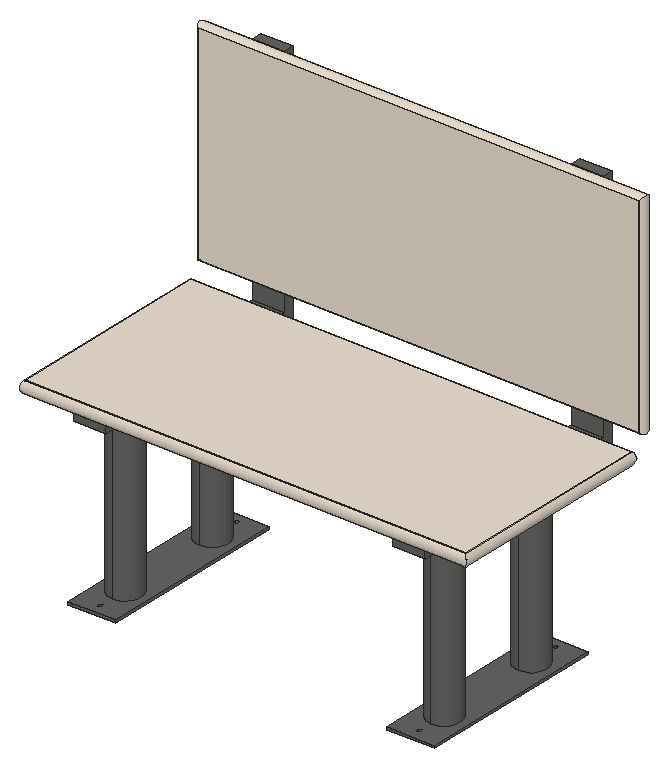
Revit family "Locker_Benches_ADA-Salsbury_Industries-Wood_77780_Series", category Specialty Equipment, Revit 2016
Family settings
  Part Type = Normal
  Round Connector Dimension = Use Diameter
  OmniClass Number = 23.40.00.00
  OmniClass Title = Equipment and Furnishings
  Work Plane-Based = No
  Always vertical = Yes
  Cut with Voids When Loaded = No
  Shared = No
  Room Calculation Point = No
Parameters (values of type "77781-ADAB")
  Width = 42.000"
  Version = "1.0 (11/16/18)"
  URL = "www.lockers.com"
  Type Comments = "Wood Locker Bench with Back Support"
  Seat Height = 18.000"
  Seat Depth = 20.000"
  Pedestal Top Plate = no
  Pedestal Material = Aluminum - Salsbury Finish - Black Satin
  Primary Material [instance] = Butcher Block Wood - Salsbury Finish - Light
  Pedestal Height Offet = if(Height = 39.000", 15.563", if(Height = 18.000", 16.313", 0.000"))  # 15.563"
  OmniClass 23 Title = "Equipment and Furnishings"
  OmniClass 23 Number = "23.40.00.00"
  Model = "77781-ADAB"
  MasterFormat Title = "Locker Room Benches"
  MasterFormat Number = "10 51 53"
  Manufacturer = "Salsbury Industries"
  Height = 39.000"
  Description = "Americans with Disabilities Act (ADA) compliant"
  Depth = 22.750"
  Back Support = yes
  Assembly Code = "C1030310"
  ADA Guidelines = "https://www.lockers.com/ada-lockers/"
Types (5): name | Width | Type Comments | Pedestal Top Plate | Pedestal Height Offet | Model | Height | Depth | Back Support
  (no name) | 42.000" | "Wood Locker Bench with Back Support" | no | 15.563" | "77781-ADAB" | 39.000" | 22.750" | yes
  77781-ADA | 42.000" | "Wood Locker Bench" | yes | 16.313" | "77781-ADA" | 18.000" | 20.000" | no
  77781-ADAB | 42.000" | "Wood Locker Bench with Back Support" | no | 15.563" | "77781-ADAB" | 39.000" | 22.750" | yes
  77782-ADAB | 48.000" | "Wood Locker Bench with Back Support" | no | 15.563" | "77782-ADAB" | 39.000" | 22.750" | yes
  77782-ADA | 48.000" | "Wood Locker Bench" | yes | 16.313" | "77782-ADA" | 18.000" | 20.000" | no
Reference planes (in)
  plane 1 "Center (Front/Back)": y = 0
  plane 2 "Floor": z = 0
  plane 3 "Center (Left/Right)": x = 0
  plane 4 "Front Side of Bench": y = -10
  plane 5 "Back Side of Bench": y = 10
  plane 6 "Right Side of Bench": x = 21
  plane 7 "Left Side of Bench": x = -21
  plane 8 "Top of Bench": z = 18
  plane 9: z = 16.8125
  plane 10: z = 17.9375
  plane 11 "Left Side of Trim Curve": x = -20.75
  plane 12 "Right Side of Trim Curve": x = 20.75
  plane 13 "Back of Trim Curve": y = -9.75
  plane 14 "Front of Trim Curve": y = 9.75
  plane 15: y = 9.375
  plane 16: y = -9.375
  plane 17 "Left Pedestal Center": x = -15
  plane 18 "Right Pedestal Center": x = 15
  plane 19: x = -17.25
  plane 20: x = -12.75
  plane 21: x = 12.75
  plane 22: x = 17.25
  plane 23: y = 9.25
  plane 24: y = -9.25
  plane 25: y = 9
  plane 26: y = -9
  plane 27 "Top of Bottom Pedestal Plate": z = 0.25
  plane 28 "Bottom of Top Pedestal Plate": z = 16.5625
  plane 29: y = -8
  plane 30: y = 8
  plane 31: x = -16.187
  plane 32: x = -13.813
  plane 33: x = 13.813
  plane 34: x = 16.187
  plane 35: x = -16.50135
  plane 36: x = -13.5
  plane 37: x = 13.5
  plane 38: x = 16.5
  plane 39: y = 3.62669
  plane 40: y = 6.625
  plane 41 "Front of PLAM": y = 9.625
  plane 42 "Back of PLAM": y = -9.625
  plane 43 "White Melamine Edge": z = 16.8435
  plane 44 "Left Edge of Support": x = -12.5
  plane 45 "Right Edge of Support": x = 12.5
  plane 46: z = 16.7815
  plane 47: y = 5.125
  plane 48: y = -5.125
  plane 49 "Pedestal Offset Plane": z = 15.813
  plane 50: y = -6.62487
  plane 51: y = -3.62656
  plane 52: z = 15.8125
  plane 53 "Back of Back Support Pedestal": y = 12.75
  plane 54 "Back of Back Support": y = 11.75
  plane 55 "Top of Back Support Pedestal": z = 38.8125
  plane 56 "Top of Back Support": z = 39
  plane 57 "Front of Back Support": y = 10.562
  plane 58 "Back of Trim Curve-Back Support": z = 38.75
  plane 59 "Bottom of Back Support": z = 19
  plane 60 "Back Support PLAM Bottom Edge": z = 19.25
  plane 61: y = 12.75
Forms (in)
  Extrusion 1, solid, material "Aluminum - Salsbury Finish - Black Satin" <- "Pedestal Material"
    sketch origin (0, 0, 0) x (1, 0, 0) y (0, 1, 0)
      loop
        line (-17.25, 9) -> (-17.25, -9) -> (-12.75, -9) -> (-12.75, 9) -> (-17.25, 9)
    from 0 to 0.25
  Extrusion 2, solid, material "Aluminum - Salsbury Finish - Black Satin" <- "Pedestal Material", visible <- "Pedestal Top Plate"
    sketch origin (0, 0, 16.5625) x (0, -1, 0) y (1, 0, 0)
      loop
        line (-9.25, -17.25) -> (9.25, -17.25) -> (9.25, -12.75) -> (-9.25, -12.75) -> (-9.25, -17.25)
    from 0 to 0.25
  Extrusion 3, solid, material "Aluminum - Salsbury Finish - Black Satin" <- "Pedestal Material"
    sketch origin (0, 0, 0.25) x (0, -1, 0) y (1, 0, 0)
      loop
        circle (-5.125, -15) r 1.5
      loop
        circle (5.125, -15) r 1.5
    from 0 to 15.563
  Extrusion 4, solid, material "Aluminum - Salsbury Finish - Black Satin" <- "Pedestal Material"
    sketch origin (0, 0, 0) x (-1, 0, 0) y (0, -1, 0)
      loop
        line (-17.25, -9) -> (-12.75, -9) -> (-12.75, 9) -> (-17.25, 9) -> (-17.25, -9)
    from 0 to 0.25
  Extrusion 5, solid, material "Aluminum - Salsbury Finish - Black Satin" <- "Pedestal Material", visible <- "Pedestal Top Plate"
    sketch origin (0, 0, 16.5625) x (0, -1, 0) y (1, 0, 0)
      loop
        line (-9.25, 17.25) -> (-9.25, 12.75) -> (9.25, 12.75) -> (9.25, 17.25) -> (-9.25, 17.25)
    from 0 to 0.25
  Extrusion 6, solid, material "Aluminum - Salsbury Finish - Black Satin" <- "Pedestal Material"
    sketch origin (0, 0, 0.25) x (0, -1, 0) y (1, 0, 0)
      loop
        circle (-5.125, 15) r 1.5
      loop
        circle (5.125, 15) r 1.5
    from 0 to 15.563
  Extrusion 7, void
    sketch origin (0, 0, 0) x (1, 0, 0) y (0, 1, 0)
      loop
        circle (-15, 8) r 0.188
      loop
        circle (-15, -8) r 0.188
    from 0 to 0.25
  Extrusion 8, void
    sketch origin (0, 0, 0) x (-1, 0, 0) y (0, -1, 0)
      loop
        circle (-15, -8) r 0.188
      loop
        circle (-15, 8) r 0.188
    from 0 to 0.25
  Sweep 9, solid, material "Butcher Block Wood - Salsbury Finish - Light" <- "Primary Material"
    path origin (0, 0, 18) x (0, -1, 0) y (1, 0, 0)
      loop
        line (10, -21) -> (10, 21) -> (-10, 21) -> (-10, -21) -> (10, -21)
    profile origin (-21, 0, 18) x (-1, 0, 0) y (0, 0, 1)
      loop
        line (-0.25, 0) -> (-0.25, -1.1875)
        arc (-0.25, -1.1875) -> (0.00021, -0.59375) -> (-0.25, 0) r 0.8296
  Extrusion 10, solid, material "Butcher Block Wood - Salsbury Finish - Light" <- "Primary Material"
    sketch origin (0, 0, 18) x (0, -1, 0) y (1, 0, 0)
      loop
        line (-9.75, -20.75) -> (9.75, -20.75) -> (9.75, 20.75) -> (-9.75, 20.75) -> (-9.75, -20.75)
    from -1.1875 to 0
  Extrusion 11, solid, material "Aluminum - Salsbury Finish - Black Satin" <- "Pedestal Material", visible <- "Back Support"
    sketch origin (15, 0, 0) x (0, -1, 0) y (0, 0, 1)
      loop
        line (9.25, 16.8125) -> (-11.75, 16.8125) -> (-11.75, 38.8125) -> (-12.75, 38.8125) -> (-12.75, 15.8125) -> (9.25, 15.8125) -> (9.25, 16.8125)
    from -1.5 to 1.5
  Extrusion 12, solid, material "Aluminum - Salsbury Finish - Black Satin" <- "Pedestal Material", visible <- "Back Support"
    sketch origin (-15, 0, 0) x (0, -1, 0) y (0, 0, 1)
      loop
        line (9.25, 16.8125) -> (-11.75, 16.8125) -> (-11.75, 38.8125) -> (-12.75, 38.8125) -> (-12.75, 15.8125) -> (9.25, 15.8125) -> (9.25, 16.8125)
    from -1.5 to 1.50135
  Sweep 13, solid, material "Butcher Block Wood - Salsbury Finish - Light" <- "Primary Material", visible <- "Back Support"
    path origin (0, 10.562, 0) x (0, 0, -1) y (1, 0, 0)
      loop
        line (-39, -21) -> (-19, -21) -> (-19, 21) -> (-39, 21) -> (-39, -21)
    profile origin (0, 10.562, 39) x (0, 0, 1) y (0, -1, 0)
      loop
        arc (-0.25, -1.188) -> (0.00008, -0.594) -> (-0.25, 0) r 0.83048
        line (-0.25, 0) -> (-0.25, -1.188)
  Extrusion 14, solid, material "Butcher Block Wood - Salsbury Finish - Light" <- "Primary Material", visible <- "Back Support"
    sketch origin (0, 10.562, 0) x (0, 0, -1) y (1, 0, 0)
      loop
        line (-38.75, -20.75) -> (-19.25, -20.75) -> (-19.25, 20.75) -> (-38.75, 20.75) -> (-38.75, -20.75)
    from -1.188 to 0
Cuts and joins
  Extrusion 7, Extrusion 8 cuts Extrusion 1
  Extrusion 8 cuts Extrusion 4
Lines and regions (in)
  symbolic lines
    curve 1: line (-21, 0, 18) -> (21, 0, 18)
    curve 2: line (-21, 0, 16.8125) -> (-21, 0, 18)
    curve 3: line (21, 0, 16.8125) -> (-21, 0, 16.8125)
    curve 4: line (21, 0, 18) -> (21, 0, 16.8125)
    curve 8: line (-17.25, 0, 0.25) -> (-12.75, 0, 0.25)
    curve 9: line (-17.25, 0, 0) -> (-17.25, 0, 0.25)
    curve 10: line (-12.75, 0, 0) -> (-17.25, 0, 0)
    curve 11: line (-12.75, 0, 0.25) -> (-12.75, 0, 0)
    curve 12: line (-16.50135, 0, 0.25) -> (-16.50135, 0, 15.813)
    curve 13: line (-13.5, 0, 0.25) -> (-13.5, 0, 15.813)
    curve 17: line (12.75, 0, 0.25) -> (17.25, 0, 0.25)
    curve 18: line (12.75, 0, 0) -> (12.75, 0, 0.25)
    curve 19: line (17.25, 0, 0) -> (12.75, 0, 0)
    curve 20: line (17.25, 0, 0.25) -> (17.25, 0, 0)
    curve 21: line (13.5, 0, 0.25) -> (13.5, 0, 15.813)
    curve 22: line (16.5, 0, 0.25) -> (16.5, 0, 15.813)
    curve 23: line (21, -10, 18) -> (21, 10, 18)
    curve 24: line (21, -10, 16.8125) -> (21, -10, 18)
    curve 25: line (21, 10, 16.8125) -> (21, -10, 16.8125)
    curve 26: line (21, 10, 18) -> (21, 10, 16.8125)
    curve 30: line (21, -9, 0.25) -> (21, 9, 0.25)
    curve 31: line (21, -9, 0) -> (21, -9, 0.25)
    curve 32: line (21, 9, 0) -> (21, -9, 0)
    curve 33: line (21, 9, 0.25) -> (21, 9, 0)
    curve 34: line (21, 6.625, 0.25) -> (21, 6.625, 15.813)
    curve 35: line (21, 3.62669, 0.25) -> (21, 3.62669, 15.813)
    curve 36: line (-21, 10, 18) -> (21, 10, 18)
    curve 37: line (-21, -10, 18) -> (-21, 10, 18)
    curve 38: line (21, -10, 18) -> (-21, -10, 18)
    curve 39: line (21, 10, 18) -> (21, -10, 18)
    curve 40: line (-12.5, -3.62656, 0.25) -> (-12.5, -3.62656, 15.813)
    curve 41: line (-12.5, -6.62487, 0.25) -> (-12.5, -6.62487, 15.813)
  symbolic lines, visible <- "Pedestal Top Plate"
    curve 5: line (-17.25, 0, 16.5625) -> (-12.75, 0, 16.5625)
    curve 6: line (-17.25, 0, 16.8125) -> (-17.25, 0, 16.5625)
    curve 7: line (-12.75, 0, 16.5625) -> (-12.75, 0, 16.8125)
    curve 14: line (12.75, 0, 16.5625) -> (12.75, 0, 16.8125)
    curve 15: line (17.25, 0, 16.5625) -> (12.75, 0, 16.5625)
    curve 16: line (17.25, 0, 16.8125) -> (17.25, 0, 16.5625)
    curve 27: line (21, -9.25, 16.5625) -> (21, -9.25, 16.8125)
    curve 28: line (21, 9.25, 16.5625) -> (21, -9.25, 16.5625)
    curve 29: line (21, 9.25, 16.8125) -> (21, 9.25, 16.5625)
  symbolic lines, visible <- "Back Support"
    curve 42: line (15, -9.25, 16.8125) -> (15, -9.25, 15.8125)
    curve 43: line (15, -9.25, 15.8125) -> (15, 12.75, 15.8125)
    curve 44: line (15, 12.75, 15.8125) -> (15, 12.75, 38.8125)
    curve 45: line (15, 12.75, 38.8125) -> (15, 11.75, 38.8125)
    curve 46: line (15, 10.562, 19) -> (15, 11.75, 19)
    curve 47: line (15, 11.75, 16.8125) -> (15, 10, 16.8125)
    curve 48: line (-21, 11.75, 18) -> (21, 11.75, 18)
    curve 49: line (-21, 10.562, 18) -> (-21, 11.75, 18)
    curve 50: line (21, 10.562, 18) -> (-21, 10.562, 18)
    curve 51: line (21, 11.75, 18) -> (21, 10.562, 18)
    curve 52: line (13.5, 11.75, 18) -> (13.5, 12.75, 18)
    curve 53: line (16.5, 11.75, 18) -> (16.5, 12.75, 18)
    curve 54: line (13.5, 12.75, 18) -> (16.5, 12.75, 18)
    curve 55: line (-16.50135, 11.75, 18) -> (-16.50135, 12.75, 18)
    curve 56: line (-13.5, 11.75, 18) -> (-13.5, 12.75, 18)
    curve 57: line (-16.50135, 12.75, 18) -> (-13.5, 12.75, 18)
    curve 58: line (13.5, 10, 18) -> (13.5, 10.562, 18)
    curve 59: line (16.5, 10, 18) -> (16.5, 10.562, 18)
    curve 60: line (-16.50135, 10, 18) -> (-16.50135, 10.562, 18)
    curve 61: line (-13.5, 10, 18) -> (-13.5, 10.562, 18)
    curve 62: line (15, 11.75, 16.8125) -> (15, 11.75, 19)
    curve 63: line (15, 10.562, 19) -> (15, 10.562, 39)
    curve 64: line (15, 10.562, 39) -> (15, 11.75, 39)
    curve 65: line (15, 11.75, 39) -> (15, 11.75, 19)
Dimensions and locks (in)
  equal spacing: plane 7 "Left Side of Bench", plane 3 "Center (Left/Right)", plane 6 "Right Side of Bench"
  "Width": plane 7 "Left Side of Bench" to plane 6 "Right Side of Bench"
  equal spacing: plane 4 "Front Side of Bench", plane 1 "Center (Front/Back)", plane 5 "Back Side of Bench"
  "Depth": plane 4 "Front Side of Bench" to plane 61
  "Height": plane 56 "Top of Back Support" to plane 2 "Floor"
  locked: plane 9 to plane 8 "Top of Bench" at 1.1875
  locked: plane 10 to plane 8 "Top of Bench" at 0.0625
  locked: plane 7 "Left Side of Bench" to plane 11 "Left Side of Trim Curve" at 0.25
  locked: plane 12 "Right Side of Trim Curve" to plane 6 "Right Side of Bench" at 0.25
  plane 4 "Front Side of Bench" to plane 13 "Back of Trim Curve" to plane 42 "Back of PLAM" = 0.250" locked, 0.125" locked
  plane 41 "Front of PLAM" to plane 14 "Front of Trim Curve" to plane 5 "Back Side of Bench" = 0.125" locked, 0.250" locked
  locked: plane 15 to plane 5 "Back Side of Bench" at 0.625
  locked: plane 4 "Front Side of Bench" to plane 16 at 0.625
  locked: plane 7 "Left Side of Bench" to plane 17 "Left Pedestal Center" at 6
  locked: plane 18 "Right Pedestal Center" to plane 6 "Right Side of Bench" at 6
  plane 21 to plane 18 "Right Pedestal Center" to plane 22 = 2.250" locked, 2.250" locked
  plane 19 to plane 17 "Left Pedestal Center" to plane 20 = 2.250" locked, 2.250" locked
  plane 24 to plane 1 "Center (Front/Back)" to plane 23 = 9.250" locked, 9.250" locked
  plane 26 to plane 1 "Center (Front/Back)" to plane 25 = 9.000" locked, 9.000" locked
  locked: plane 27 "Top of Bottom Pedestal Plate" to plane 2 "Floor" at 0.25
  locked: plane 9 to plane 28 "Bottom of Top Pedestal Plate" at 0.25
  locked: plane 30 to plane 25 at 1
  locked: plane 26 to plane 29 at 1
  locked: plane 19 to plane 31 at 1.063
  locked: plane 32 to plane 20 at 1.063
  locked: plane 21 to plane 33 at 1.063
  locked: plane 34 to plane 22 at 1.063
  locked: plane 19 to plane 35 at 0.74865
  locked: plane 36 to plane 20 at 0.75
  locked: plane 21 to plane 37 at 0.75
  locked: plane 38 to plane 22 at 0.75
  locked: plane 9 to plane 43 "White Melamine Edge" at 0.031
  locked: plane 20 to plane 44 "Left Edge of Support" at 0.25
  locked: plane 45 "Right Edge of Support" to plane 21 at 0.25
  locked: plane 46 to plane 9 at 0.031
  locked: plane 47 to plane 25 at 3.875
  locked: plane 26 to plane 48 at 3.875
  "Pedestal Height Offet": plane 49 "Pedestal Offset Plane" to plane 27 "Top of Bottom Pedestal Plate"
  locked: plane 52 to plane 9 at 1
  plane 20 to plane 17 "Left Pedestal Center" to plane 19 = 2.250", 2.250"
  plane 57 "Front of Back Support" to plane 54 "Back of Back Support" to plane 53 "Back of Back Support Pedestal" = 1.188" locked, 1.000" locked
  locked: plane 58 "Back of Trim Curve-Back Support" to plane 56 "Top of Back Support" at 0.25
  plane 60 "Back Support PLAM Bottom Edge" to plane 59 "Bottom of Back Support" to plane 8 "Top of Bench" = 0.250", 1.000"
  "Seat Height": plane 8 "Top of Bench" to plane 2 "Floor"
  plane 52 to plane 55 "Top of Back Support Pedestal" = 23.000"
  curve 46 to curve 46 = 1.188"
  curve 47 to plane 14 "Front of Trim Curve" = 0.250"
  "Seat Depth": plane 4 "Front Side of Bench" to plane 5 "Back Side of Bench"
  aligned and locked: plane 2 "Floor" to level
  aligned and locked: plane 25 to Extrusion 1 sketch curve
  aligned and locked: Extrusion 1 sketch curve to plane 19
  aligned and locked: Extrusion 1 sketch curve to plane 26
  aligned and locked: Extrusion 1 sketch curve to plane 20
  aligned and locked: Extrusion 1 to plane 27 "Top of Bottom Pedestal Plate"
  aligned and locked: Extrusion 1 to plane 2 "Floor"
  aligned and locked: Extrusion 2 sketch curve to plane 23
  aligned and locked: Extrusion 2 sketch curve to plane 19
  aligned and locked: plane 24 to Extrusion 2 sketch curve
  aligned and locked: Extrusion 2 sketch curve to plane 20
  aligned and locked: plane 28 "Bottom of Top Pedestal Plate" to Extrusion 2
  aligned and locked: Extrusion 2 to plane 9
  aligned and locked: plane 17 "Left Pedestal Center" to Extrusion 3 sketch curve  (x2)
  aligned and locked: plane 27 "Top of Bottom Pedestal Plate" to Extrusion 3
  aligned and locked: Extrusion 4 sketch curve to plane 25
  aligned and locked: Extrusion 4 sketch curve to plane 21
  aligned and locked: Extrusion 4 sketch curve to plane 22
  aligned and locked: plane 26 to Extrusion 4 sketch curve
  aligned and locked: Extrusion 4 to plane 2 "Floor"
  aligned and locked: Extrusion 5 sketch curve to plane 21
  aligned and locked: Extrusion 5 sketch curve to plane 23
  aligned and locked: plane 24 to Extrusion 5 sketch curve
  aligned and locked: Extrusion 5 sketch curve to plane 22
  aligned and locked: Extrusion 5 to plane 9
  aligned and locked: plane 28 "Bottom of Top Pedestal Plate" to Extrusion 5
  aligned and locked: plane 18 "Right Pedestal Center" to Extrusion 6 sketch curve  (x2)
  aligned and locked: plane 30 to Extrusion 7 sketch curve
  aligned and locked: plane 29 to Extrusion 7 sketch curve
  aligned and locked: Extrusion 7 to plane 27 "Top of Bottom Pedestal Plate"
  aligned and locked: Extrusion 7 to plane 2 "Floor"
  aligned and locked: Extrusion 8 to plane 2 "Floor"
  aligned and locked: Extrusion 8 to plane 27 "Top of Bottom Pedestal Plate"
  aligned and locked: plane 30 to Extrusion 8 sketch curve
  aligned and locked: plane 29 to Extrusion 8 sketch curve
  aligned and locked: plane 27 "Top of Bottom Pedestal Plate" to Extrusion 6
  aligned and locked: curve 2 to plane 7 "Left Side of Bench"
  aligned and locked: plane 6 "Right Side of Bench" to curve 4
  aligned and locked: plane 8 "Top of Bench" to curve 1
  aligned and locked: curve 3 to plane 9
  aligned and locked: curve 7 to plane 20
  aligned and locked: plane 19 to curve 6
  aligned and locked: plane 2 "Floor" to curve 10
  aligned and locked: plane 20 to curve 11
  aligned and locked: plane 27 "Top of Bottom Pedestal Plate" to curve 8
  aligned and locked: curve 9 to plane 19
  aligned and locked: plane 27 "Top of Bottom Pedestal Plate" to curve 12
  aligned and locked: curve 12 to plane 35
  aligned and locked: curve 13 to plane 36
  aligned and locked: curve 14 to plane 21
  aligned and locked: plane 22 to curve 16
  aligned and locked: plane 2 "Floor" to curve 19
  aligned and locked: curve 18 to plane 21
  aligned and locked: plane 22 to curve 20
  aligned and locked: plane 27 "Top of Bottom Pedestal Plate" to curve 17
  aligned and locked: plane 27 "Top of Bottom Pedestal Plate" to curve 21
  aligned and locked: curve 21 to plane 37
  aligned and locked: curve 22 to plane 38
  aligned and locked: plane 5 "Back Side of Bench" to curve 26
  aligned and locked: curve 24 to plane 4 "Front Side of Bench"
  aligned and locked: plane 23 to curve 29
  aligned and locked: curve 27 to plane 24
  aligned and locked: plane 2 "Floor" to curve 32
  aligned and locked: plane 25 to curve 33
  aligned and locked: curve 31 to plane 26
  aligned and locked: plane 27 "Top of Bottom Pedestal Plate" to curve 34
  aligned and locked: plane 27 "Top of Bottom Pedestal Plate" to curve 35
  aligned and locked: curve 34 to plane 40
  aligned and locked: curve 35 to plane 39
  aligned and locked: plane 8 "Top of Bench" to curve 23
  aligned and locked: curve 25 to plane 9
  aligned and locked: Sweep 9 sketch curve to plane 5 "Back Side of Bench"
  aligned and locked: Sweep 9 sketch curve to plane 7 "Left Side of Bench"
  aligned and locked: Sweep 9 sketch curve to plane 6 "Right Side of Bench"
  aligned and locked: Sweep 9 sketch curve to plane 4 "Front Side of Bench"
  aligned and locked: Extrusion 10 to plane 8 "Top of Bench"
  aligned and locked: curve 38 to plane 4 "Front Side of Bench"
  aligned and locked: plane 6 "Right Side of Bench" to curve 39
  aligned and locked: curve 37 to plane 7 "Left Side of Bench"
  aligned and locked: plane 9 to Extrusion 10
  aligned and locked: plane 11 "Left Side of Trim Curve" to Sweep 9 sketch curve
  aligned and locked: plane 12 "Right Side of Trim Curve" to Extrusion 10 sketch curve
  aligned and locked: Extrusion 10 sketch curve to plane 13 "Back of Trim Curve"
  aligned and locked: plane 14 "Front of Trim Curve" to Extrusion 10 sketch curve
  aligned and locked: Extrusion 10 sketch curve to plane 11 "Left Side of Trim Curve"
  aligned and locked: plane 17 "Left Pedestal Center" to Extrusion 7 sketch curve  (x2)
  aligned and locked: plane 18 "Right Pedestal Center" to Extrusion 8 sketch curve  (x2)
  aligned and locked: plane 47 to Extrusion 3 sketch curve
  aligned and locked: plane 48 to Extrusion 3 sketch curve
  aligned and locked: plane 47 to Extrusion 6 sketch curve
  aligned and locked: plane 48 to Extrusion 6 sketch curve
  aligned and locked: Extrusion 6 to plane 49 "Pedestal Offset Plane"
  aligned and locked: Extrusion 6 to Extrusion 3
  aligned and locked: plane 28 "Bottom of Top Pedestal Plate" to curve 5
  aligned and locked: curve 15 to plane 28 "Bottom of Top Pedestal Plate"
  aligned and locked: plane 49 "Pedestal Offset Plane" to curve 22
  aligned and locked: plane 49 "Pedestal Offset Plane" to curve 21
  aligned and locked: plane 49 "Pedestal Offset Plane" to curve 13
  aligned and locked: plane 49 "Pedestal Offset Plane" to curve 12
  aligned and locked: plane 49 "Pedestal Offset Plane" to curve 34
  aligned and locked: plane 49 "Pedestal Offset Plane" to curve 35
  aligned and locked: plane 49 "Pedestal Offset Plane" to curve 40
  aligned and locked: plane 27 "Top of Bottom Pedestal Plate" to curve 41
  aligned and locked: plane 49 "Pedestal Offset Plane" to curve 41
  aligned and locked: curve 41 to plane 50
  aligned and locked: plane 24 to Extrusion 11 sketch curve
  aligned and locked: plane 52 to Extrusion 11 sketch curve
  aligned and locked: plane 35 to Extrusion 12
  aligned and locked: Extrusion 12 to plane 36
  aligned and locked: plane 37 to Extrusion 11
  aligned and locked: Extrusion 11 to plane 38
  aligned and locked: plane 24 to Extrusion 12 sketch curve
  aligned and locked: Extrusion 12 sketch curve to plane 9
  aligned and locked: plane 52 to Extrusion 12 sketch curve
  aligned and locked: Extrusion 12 sketch curve to plane 53 "Back of Back Support Pedestal"
  aligned and locked: Extrusion 12 sketch curve to plane 55 "Top of Back Support Pedestal"
  aligned and locked: plane 54 "Back of Back Support" to Extrusion 12 sketch curve
  aligned and locked: plane 56 "Top of Back Support" to Sweep 13 sketch curve
  aligned and locked: Sweep 13 sketch curve to plane 58 "Back of Trim Curve-Back Support"
  aligned and locked: plane 54 "Back of Back Support" to Sweep 13 sketch curve
  aligned and locked: Sweep 13 sketch curve to plane 59 "Bottom of Back Support"
  aligned and locked: Sweep 13 sketch curve to plane 6 "Right Side of Bench"
  aligned and locked: Sweep 13 sketch curve to plane 7 "Left Side of Bench"
  aligned and locked: Extrusion 14 sketch curve to plane 60 "Back Support PLAM Bottom Edge"
  aligned and locked: plane 12 "Right Side of Trim Curve" to Extrusion 14 sketch curve
  aligned and locked: Extrusion 14 sketch curve to plane 11 "Left Side of Trim Curve"
  aligned and locked: plane 58 "Back of Trim Curve-Back Support" to Extrusion 14 sketch curve
  aligned and locked: plane 57 "Front of Back Support" to Extrusion 14
  aligned and locked: Extrusion 14 to plane 54 "Back of Back Support"
  aligned and locked: Extrusion 11 sketch curve to plane 55 "Top of Back Support Pedestal"
  aligned and locked: Extrusion 11 sketch curve to plane 53 "Back of Back Support Pedestal"
  aligned and locked: plane 54 "Back of Back Support" to Extrusion 11 sketch curve
  aligned and locked: Extrusion 11 sketch curve to plane 9
  aligned and locked: curve 42 to Extrusion 11
  aligned and locked: curve 43 to Extrusion 11
  aligned and locked: curve 44 to Extrusion 11
  aligned and locked: curve 45 to Extrusion 11
  aligned and locked: curve 50 to plane 57 "Front of Back Support"
  aligned and locked: plane 6 "Right Side of Bench" to curve 51
  aligned and locked: curve 49 to plane 7 "Left Side of Bench"
  aligned and locked: plane 54 "Back of Back Support" to curve 48
  aligned and locked: plane 54 "Back of Back Support" to curve 52
  aligned and locked: plane 53 "Back of Back Support Pedestal" to curve 53
  aligned and locked: curve 52 to plane 37
  aligned and locked: curve 53 to plane 38
  aligned and locked: curve 54 to Extrusion 11
  aligned and locked: plane 53 "Back of Back Support Pedestal" to curve 56
  aligned and locked: curve 56 to plane 36
  aligned and locked: curve 55 to plane 35
  aligned and locked: curve 57 to Extrusion 12
  aligned and locked: plane 57 "Front of Back Support" to curve 58
  aligned and locked: plane 5 "Back Side of Bench" to curve 59
  aligned and locked: curve 58 to plane 37
  aligned and locked: curve 59 to plane 38
  aligned and locked: plane 5 "Back Side of Bench" to curve 60
  aligned and locked: curve 61 to plane 36
  aligned and locked: curve 60 to plane 35
  aligned and locked: curve 47 to plane 9
  aligned and locked: plane 59 "Bottom of Back Support" to curve 62
  aligned and locked: curve 62 to plane 54 "Back of Back Support"
  aligned and locked: plane 57 "Front of Back Support" to curve 63
  aligned and locked: curve 64 to plane 56 "Top of Back Support"
  aligned and locked: curve 65 to plane 54 "Back of Back Support"
Automatic sketch dimensions
  plane 28 "Bottom of Top Pedestal Plate" to curve 29 = 0.000"
  Sweep 9 sketch curve to plane 8 "Top of Bench" = 0.000"
  profile plane to Sweep 9 sketch curve = 0.82939"
  plane 8 "Top of Bench" to Sweep 9 sketch curve = 0.59375"
  plane 27 "Top of Bottom Pedestal Plate" to curve 40 = 0.000"
  Sweep 13 sketch curve to plane 57 "Front of Back Support" = 0.000"
  profile plane to Sweep 13 sketch curve = 0.8304"
  curve 40 to plane 51 = 0.000"
  plane 9 to curve 42 = 0.000"
  radius of Extrusion 3 sketch curve = 1.500"  (x2)
  radius of Extrusion 6 sketch curve = 1.500"  (x2)
  radius of Extrusion 7 sketch curve = 0.188"  (x2)
  radius of Extrusion 8 sketch curve = 0.188"  (x2)
